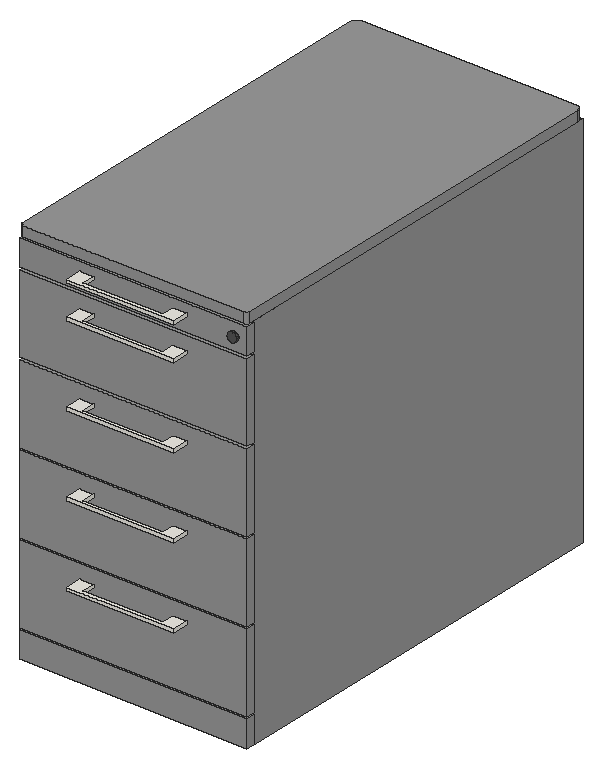
Revit family "Haworth_HC1Pedestal_13HE_EU_PRELIMINARY", category Furniture Systems, Revit 2019
Family settings
  Round Connector Dimension = Use Diameter
  Part Type = Normal
  OmniClass Number = 23.40.70.14.64.21
  OmniClass Title = Systems Furniture
  Work Plane-Based = No
  Always vertical = Yes
  Cut with Voids When Loaded = No
  Shared = No
  Room Calculation Point = No
Parameters (values of type "1/3/3/3/3 43.3 x 80 x 74")
  Without Pull = not(or(Handle 1, Handle 2, Standard Handle 2, Standard Handle 1, Recessed Handle 128 Small, Recessed Handle 128, Handle Metal, Handle 128 128))  # no
  Warranty = "http://www.haworth.com/resources/product-info/warranties"
  URL - Product = "https://www.haworth.com/eu/en/products/office-drawers/hc1.html"
  Top Depth = if(Small, 80 cm, 90 cm)  # 80 cm
  Thickness = if(Low, 1.9 cm, 2.5 cm)  # 1.9 cm
  Standard Handle 2 = no
  Standard Handle 1 = no
  Small = not(Large)  # yes
  Recessed Handle 128 Small = and(Recessed Handle 128, Small)  # no
  Recessed Handle 128 = no
  Pull Finish = Haworth _ Paint _ Smooth Plaster
  Pedestal Finish [instance] = Haworth _ Laminate _ Undecided _ Pedestal
  Model = "MS13081333X"  # constant formula
  Low = not(High)  # yes
  Large = no
  High = no
  Handle Metal = no
  Handle 2 = no
  Handle 128 128 = yes
  Handle 1 = no
  Glide Finish = Haworth _ Polymer _ Black
  Front Finish [instance] = Haworth _ Laminate _ Undecided _ Pedestal
  Description = "Haworth - HC1 Pedestal - 13HE Pedestal"  # constant formula
  URL = "https://www.haworth.com/eu/en.html"
  Size = "Verify Final Dim. w/ Haworth"  # constant formula
  Revision Number = "1"  # constant formula
  Manufacturer = "Haworth"  # constant formula
  Cushion Finish [instance] = Haworth _ Fabric _ Undecided _ Seating _ Lounge
  Author = "Haworth (Abd Rahman)"  # constant formula
  Assembly Code = "E2020200"
  Actual Width = 43.3 cm  # constant formula
  Actual Height = 74 cm  # constant formula
  Actual Depth = 80 cm  # constant formula
Types (2, lengths in cm): name | Without Pull | Top Depth | Thickness | Small | Low | Large | High | Handle 128 128
  1/3/3/3/6 43.3 x 80 x 74 | yes | 90 | 2.5 | no | no | yes | yes | no
  1/3/3/3/3 43.3 x 80 x 74 | no | 80 | 1.9 | yes | yes | no | no | yes
Reference planes (cm)
  plane 1 "Storage Top Center F/B": y = 5
  plane 2: z = 0
  plane 3 "Storage Top Center L/R": x = 0
  plane 4 "Left": x = -21.65
  plane 5 "Back": y = 45
  plane 6 "Front": y = -35
  plane 7 "Right": x = 21.65
  plane 8 "Top": z = 75.9
  plane 9 "Bottom": z = 74
  plane 10: z = 1.6
  plane 11: z = 68.6
  plane 12: z = 68.2
  plane 13: z = 53.2
  plane 14: z = 52.8
  plane 15: z = 37.8
  plane 16: z = 37.4
  plane 17: z = 22.4
  plane 18: z = 22
  plane 19: z = 7
  plane 20: z = 73.6
  plane 21: y = -33.5
  plane 22: z = 6.6
  plane 23: y = 45
  plane 24: y = 45
  plane 25: x = 19.15
  plane 26: z = 71.1
  plane 27: y = -36
  plane 28: z = 65.2
  plane 29: z = 49.8
  plane 30: z = 34.4
  plane 31: z = 19
  plane 32: z = 71.6
  plane 33: x = 9
  plane 34: x = -9
  plane 35: z = 72.6
  plane 36: z = 69.6
  plane 37: z = 66.2
  plane 38: z = 63.2
  plane 39: z = 50.8
  plane 40: z = 47.8
  plane 41: z = 35.4
  plane 42: z = 32.4
  plane 43: y = -35.4499
  plane 44: x = -7
  plane 45: x = 6.9654
  plane 46: z = 72.0299
  plane 47: z = 70.0299
  plane 48: z = 65.6299
  plane 49: z = 63.6299
  plane 50: z = 50.2299
  plane 51: z = 48.2299
  plane 52: z = 34.8299
  plane 53: z = 32.8299
  plane 54: z = 19.4299
  plane 55: z = 17.4299
  plane 56: y = -35.1733
  plane 57: z = 20
  plane 58: z = 17
Forms (cm)
  Extrusion 1, solid, material "Haworth _ Fabric _ Undecided _ Seating _ Lounge" <- "Cushion Finish"
    sketch origin (-91.5403, -457.2, 74) x (-1, 0, 0) y (0, -1, 0)
      loop
        arc (-71.1603, -502.2) -> (-70.2623, -501.828) -> (-69.8903, -500.93) r 1.27
        line (-69.8903, -500.93) -> (-69.8903, -422.7913)
        arc (-69.8903, -422.7913) -> (-70.0635, -422.3732) -> (-70.4816, -422.2) r 0.5913
        line (-70.4816, -422.2) -> (-112.599, -422.2)
        arc (-112.599, -422.2) -> (-113.0171, -422.3732) -> (-113.1903, -422.7913) r 0.5913
        line (-113.1903, -422.7913) -> (-113.1903, -500.93)
        arc (-113.1903, -500.93) -> (-112.8183, -501.828) -> (-111.9203, -502.2) r 1.27
        line (-111.9203, -502.2) -> (-71.1603, -502.2)
    from 0 to 1.9
  Extrusion 2, solid, material "Haworth _ Laminate _ Undecided _ Pedestal" <- "Pedestal Finish"
    sketch origin (0, 0, 0) x (1, 0, 0) y (0, 1, 0)
      loop
        line (-21.65, 45) -> (-21.65, -33.5) -> (21.65, -33.5) -> (21.65, 45) -> (-21.65, 45)
    from 1.6 to 74
  Extrusion 3, solid, material "Haworth _ Laminate _ Undecided _ Pedestal" <- "Front Finish"
    sketch origin (0, -35, 0) x (1, 0, 0) y (0, 0, -1)
      loop
        line (-21.65, -73.6) -> (21.65, -73.6) -> (21.65, -68.6) -> (-21.65, -68.6) -> (-21.65, -73.6)
      loop
        line (-21.65, -68.2) -> (21.65, -68.2) -> (21.65, -53.2) -> (-21.65, -53.2) -> (-21.65, -68.2)
      loop
        line (-21.65, -52.8) -> (21.65, -52.8) -> (21.65, -37.8) -> (-21.65, -37.8) -> (-21.65, -52.8)
    from 0 to 1.5
  Extrusion 4, solid, material "Haworth _ Laminate _ Undecided _ Pedestal" <- "Front Finish", visible <- "Large"
    sketch origin (0, -35, 0) x (1, 0, 0) y (0, 0, -1)
      loop
        line (-21.65, -37.4) -> (21.65, -37.4) -> (21.65, -7) -> (-21.65, -7) -> (-21.65, -37.4)
    from 0 to 1.5
  Extrusion 5, solid, material "Haworth _ Laminate _ Undecided _ Pedestal" <- "Front Finish", visible <- "Small"
    sketch origin (0, -35, 0) x (1, 0, 0) y (0, 0, -1)
      loop
        line (-21.65, -37.4) -> (21.65, -37.4) -> (21.65, -22.4) -> (-21.65, -22.4) -> (-21.65, -37.4)
      loop
        line (-21.65, -22) -> (21.65, -22) -> (21.65, -7) -> (-21.65, -7) -> (-21.65, -22)
    from 0 to 1.5
  Extrusion 6, solid, material "Haworth _ Polymer _ Black" <- "Glide Finish"
    sketch origin (0, 0, 0) x (1, 0, 0) y (0, 1, 0)
      loop
        line (-19.65, -26.9645) -> (-19.65, -30.6738)
        arc (-19.65, -30.6738) -> (-14.3286, -28.8191) -> (-19.65, -26.9645) r 2.9839
      loop
        arc (19.65, -26.9645) -> (14.3286, -28.8191) -> (19.65, -30.6738) r 2.9839
        line (19.65, -30.6738) -> (19.65, -26.9645)
      loop
        arc (-19.65, 36.9645) -> (-14.3286, 38.8191) -> (-19.65, 40.6738) r 2.9839
        line (-19.65, 40.6738) -> (-19.65, 36.9645)
      loop
        line (19.65, 36.9645) -> (19.65, 40.6738)
        arc (19.65, 40.6738) -> (14.3286, 38.8191) -> (19.65, 36.9645) r 2.9839
    from 0 to 1.6
  Extrusion 7, solid, material "Haworth _ Laminate _ Undecided _ Pedestal" <- "Pedestal Finish"
    sketch origin (0, -35, 0) x (1, 0, 0) y (0, 0, -1)
      loop
        line (-21.65, -6.6) -> (21.65, -6.6) -> (21.65, -1.6) -> (-21.65, -1.6) -> (-21.65, -6.6)
    from 0 to 1.5
  Extrusion 8, solid, material "Haworth _ Polymer _ Black" <- "Glide Finish"
    sketch origin (257.4608, -35, 4.494) x (1, 0, 0) y (0, 0, -1)
      loop
        circle (-238.3108, -66.606) r 0.9
    from -0.4499 to 0
  Extrusion 9, solid, material "Haworth _ Paint _ Smooth Plaster" <- "Pull Finish", visible <- "Recessed Handle 128"
    sketch origin (0, -35, 0) x (1, 0, 0) y (0, 0, -1)
      loop
        line (-9, -72.6) -> (9, -72.6) -> (9, -69.6) -> (-9, -69.6) -> (-9, -72.6)
      loop
        line (-9, -66.2) -> (9, -66.2) -> (9, -63.2) -> (-9, -63.2) -> (-9, -66.2)
      loop
        line (-9, -50.8) -> (9, -50.8) -> (9, -47.8) -> (-9, -47.8) -> (-9, -50.8)
      loop
        line (-9, -35.4) -> (9, -35.4) -> (9, -32.4) -> (-9, -32.4) -> (-9, -35.4)
    from -0.4499 to 0
  Extrusion 10, void
    sketch origin (0, -35, 0) x (1, 0, 0) y (0, 0, -1)
      loop
        line (-7, -72.0299) -> (6.9654, -72.0299) -> (6.9654, -70.0299) -> (-7, -70.0299) -> (-7, -72.0299)
      loop
        line (-7, -65.6299) -> (6.9654, -65.6299) -> (6.9654, -63.6299) -> (-7, -63.6299) -> (-7, -65.6299)
      loop
        line (-7, -50.2299) -> (6.9654, -50.2299) -> (6.9654, -48.2299) -> (-7, -48.2299) -> (-7, -50.2299)
      loop
        line (-7, -34.8299) -> (6.9654, -34.8299) -> (6.9654, -32.8299) -> (-7, -32.8299) -> (-7, -34.8299)
      loop
        line (-7, -19.4299) -> (6.9654, -19.4299) -> (6.9654, -17.4299) -> (-7, -17.4299) -> (-7, -19.4299)
    from -25.6289 to -0.1733
  Extrusion 11, solid, material "Haworth _ Paint _ Smooth Plaster" <- "Pull Finish", visible <- "Recessed Handle 128 Small"
    sketch origin (0, -35, 0) x (1, 0, 0) y (0, 0, -1)
      loop
        line (-9, -20) -> (9, -20) -> (9, -17) -> (-9, -17) -> (-9, -20)
    from -0.4499 to 0
Cuts and joins
  Extrusion 10 cuts Extrusion 2
  Extrusion 10 cuts Extrusion 3
  Extrusion 10 cuts Extrusion 4
  Extrusion 10 cuts Extrusion 5
  Extrusion 10 cuts Extrusion 9
  Extrusion 10 cuts Extrusion 11
Lines and regions (cm)
  Masking region 1
    outline origin (0, 0, 75.9) x (-1, 0, 0) y (0, -1, 0)
      loop
        line (21.65, -43.73) -> (21.65, 33.73)
        arc (21.65, 33.73) -> (21.278, 34.628) -> (20.38, 35) r 1.27
        line (20.38, 35) -> (-20.38, 35)
        arc (-20.38, 35) -> (-21.278, 34.628) -> (-21.65, 33.73) r 1.27
        line (-21.65, 33.73) -> (-21.65, -43.73)
        arc (-21.65, -43.73) -> (-21.278, -44.628) -> (-20.38, -45) r 1.27
        line (-20.38, -45) -> (20.38, -45)
        arc (20.38, -45) -> (21.278, -44.628) -> (21.65, -43.73) r 1.27
Dimensions and locks (cm)
  equal spacing: plane 5 "Back", plane 1 "Storage Top Center F/B", plane 6 "Front"
  "Actual Depth": plane 5 "Back" to plane 6 "Front"
  equal spacing: plane 4 "Left", plane 3 "Storage Top Center L/R", plane 7 "Right"
  "Actual Width": plane 4 "Left" to plane 7 "Right"
  "Thickness": plane 8 "Top" to plane 9 "Bottom"
  "Actual Height": plane 9 "Bottom" to level
  locked: plane 11 to plane 12 at 0.4
  locked: plane 13 to plane 14 at 0.4
  locked: plane 15 to plane 16 at 0.4
  locked: plane 17 to plane 18 at 0.4
  plane 9 "Bottom" to plane 20 = 0.4 cm
  plane 20 to plane 11 = 5 cm
  plane 12 to plane 13 = 15 cm
  plane 14 to plane 15 = 15 cm
  plane 16 to plane 17 = 15 cm
  plane 18 to plane 19 = 15 cm
  locked: plane 6 "Front" to plane 21 at 1.5
  locked: plane 19 to plane 22 at 0.4
  "Top Depth": plane 24 to plane 6 "Front"
  locked: plane 25 to plane 7 "Right" at 2.5
  locked: plane 20 to plane 26 at 2.5
  locked: plane 27 to plane 6 "Front" at 1
  locked: plane 12 to plane 28 at 3
  locked: plane 14 to plane 29 at 3
  locked: plane 16 to plane 30 at 3
  locked: plane 18 to plane 31 at 3
  locked: plane 20 to plane 32 at 2
  equal spacing: plane 34, plane 3 "Storage Top Center L/R", plane 33
  plane 35 to plane 32 to plane 36 = 1 cm, 2 cm
  plane 37 to plane 28 to plane 38 = 1 cm, 2 cm
  plane 39 to plane 29 to plane 40 = 1 cm, 2 cm
  plane 41 to plane 30 to plane 42 = 1 cm, 2 cm
  locked: plane 43 to plane 6 "Front" at 0.4499
  plane 54 to plane 31 to plane 55 = 0.4299 cm locked, 1.5701 cm locked
  plane 52 to plane 30 to plane 53 = 0.4299 cm locked, 1.5701 cm locked
  plane 50 to plane 29 to plane 51 = 0.4299 cm locked, 1.5701 cm locked
  plane 48 to plane 28 to plane 49 = 0.4299 cm locked, 1.5701 cm locked
  plane 46 to plane 32 to plane 47 = 0.4299 cm locked, 1.5701 cm locked
  plane 44 to plane 3 "Storage Top Center L/R" to plane 45 = 7 cm locked, 6.9654 cm locked
  locked: plane 56 to plane 6 "Front" at 0.1733
  plane 57 to plane 31 to plane 58 = 1 cm, 2 cm
  equal spacing: Extrusion 11 sketch curve, plane 3 "Storage Top Center L/R", Extrusion 11 sketch curve
  locked: plane 10 to level at 1.6
  aligned and locked: plane 7 "Right" to Extrusion 1 sketch curve
  aligned and locked: plane 6 "Front" to Extrusion 1 sketch curve
  aligned and locked: plane 4 "Left" to Extrusion 1 sketch curve
  aligned and locked: plane 8 "Top" to Extrusion 1
  aligned and locked: Extrusion 1 to plane 9 "Bottom"
  aligned and locked: Masking region 1 to plane 6 "Front"
  aligned and locked: plane 7 "Right" to Extrusion 2 sketch curve
  aligned and locked: plane 4 "Left" to Extrusion 2 sketch curve
  aligned and locked: plane 5 "Back" to Extrusion 2 sketch curve
  aligned and locked: plane 7 "Right" to Extrusion 3 sketch curve  (x3)
  aligned and locked: Extrusion 3 sketch curve to plane 20
  aligned and locked: plane 4 "Left" to Extrusion 3 sketch curve  (x3)
  aligned and locked: Extrusion 3 sketch curve to plane 11
  aligned and locked: plane 21 to Extrusion 3
  aligned and locked: Extrusion 3 to plane 6 "Front"
  aligned and locked: Extrusion 3 sketch curve to plane 13
  aligned and locked: plane 12 to Extrusion 3 sketch curve
  aligned and locked: Extrusion 3 sketch curve to plane 14
  aligned and locked: plane 15 to Extrusion 3 sketch curve
  aligned and locked: plane 7 "Right" to Extrusion 4 sketch curve
  aligned and locked: Extrusion 4 sketch curve to plane 16
  aligned and locked: plane 4 "Left" to Extrusion 4 sketch curve
  aligned and locked: plane 19 to Extrusion 4 sketch curve
  aligned and locked: plane 19 to Extrusion 5 sketch curve
  aligned and locked: plane 7 "Right" to Extrusion 5 sketch curve  (x2)
  aligned and locked: plane 4 "Left" to Extrusion 5 sketch curve  (x2)
  aligned and locked: Extrusion 5 sketch curve to plane 18
  aligned and locked: plane 17 to Extrusion 5 sketch curve
  aligned and locked: Extrusion 5 sketch curve to plane 16
  aligned and locked: Extrusion 4 to plane 6 "Front"
  aligned and locked: Extrusion 5 to plane 6 "Front"
  aligned and locked: plane 21 to Extrusion 5
  aligned and locked: plane 21 to Extrusion 4
  aligned and locked: Extrusion 6 to level
  aligned and locked: Extrusion 7 sketch curve to plane 22
  aligned and locked: plane 7 "Right" to Extrusion 7 sketch curve
  aligned and locked: plane 10 to Extrusion 7 sketch curve
  aligned and locked: plane 4 "Left" to Extrusion 7 sketch curve
  aligned and locked: Extrusion 7 to plane 6 "Front"
  aligned and locked: plane 21 to Extrusion 7
  aligned and locked: Extrusion 2 to plane 21
  aligned and locked: plane 24 to Masking region 1 sketch curve
  aligned and locked: Extrusion 1 sketch curve to plane 24
  aligned and locked: plane 25 to Extrusion 8 sketch curve
  aligned and locked: plane 26 to Extrusion 8 sketch curve
  aligned and locked: plane 6 "Front" to Extrusion 8
  aligned and locked: plane 28 to nested 1
  aligned and locked: plane 3 "Storage Top Center L/R" to nested 1
  aligned and locked: nested 1 to plane 6 "Front"
  aligned and locked: nested 2 to plane 6 "Front"
  aligned and locked: plane 3 "Storage Top Center L/R" to nested 2
  aligned and locked: plane 29 to nested 2
  aligned and locked: Extrusion 9 sketch curve to plane 35
  aligned and locked: plane 36 to Extrusion 9 sketch curve
  aligned and locked: plane 33 to Extrusion 9 sketch curve  (x4)
  aligned and locked: Extrusion 9 sketch curve to plane 34  (x4)
  aligned and locked: Extrusion 9 sketch curve to plane 37
  aligned and locked: plane 38 to Extrusion 9 sketch curve
  aligned and locked: Extrusion 9 sketch curve to plane 39
  aligned and locked: plane 40 to Extrusion 9 sketch curve
  aligned and locked: Extrusion 9 sketch curve to plane 41
  aligned and locked: plane 42 to Extrusion 9 sketch curve
  aligned and locked: plane 6 "Front" to Extrusion 9
  aligned and locked: plane 43 to Extrusion 9
  aligned and locked: plane 45 to Extrusion 10 sketch curve  (x5)
  aligned and locked: Extrusion 10 sketch curve to plane 44  (x5)
  aligned and locked: Extrusion 10 sketch curve to plane 46
  aligned and locked: plane 47 to Extrusion 10 sketch curve
  aligned and locked: Extrusion 10 sketch curve to plane 48
  aligned and locked: plane 49 to Extrusion 10 sketch curve
  aligned and locked: Extrusion 10 sketch curve to plane 50
  aligned and locked: plane 51 to Extrusion 10 sketch curve
  aligned and locked: Extrusion 10 sketch curve to plane 52
  aligned and locked: plane 53 to Extrusion 10 sketch curve
  aligned and locked: Extrusion 10 sketch curve to plane 54
  aligned and locked: plane 55 to Extrusion 10 sketch curve
  aligned and locked: cut or joined group of Extrusion 2, Extrusion 10 to plane 56
  aligned and locked: plane 3 "Storage Top Center L/R" to nested 6
  aligned and locked: plane 3 "Storage Top Center L/R" to nested 5
  aligned and locked: plane 3 "Storage Top Center L/R" to nested 4
  aligned and locked: plane 3 "Storage Top Center L/R" to nested 3
  aligned and locked: plane 28 to nested 6
  aligned and locked: plane 30 to nested 5
  aligned and locked: plane 31 to nested 4
  aligned and locked: plane 32 to nested 3
  aligned and locked: nested 4 to plane 6 "Front"
  aligned and locked: nested 5 to plane 6 "Front"
  aligned and locked: nested 6 to plane 6 "Front"
  aligned and locked: nested 3 to plane 6 "Front"
  aligned and locked: plane 32 to nested 10
  aligned and locked: plane 29 to nested 9
  aligned and locked: plane 30 to nested 8
  aligned and locked: plane 31 to nested 7
  aligned and locked: nested 10 to plane 6 "Front"
  aligned and locked: nested 9 to plane 6 "Front"
  aligned and locked: nested 7 to plane 6 "Front"
  aligned and locked: nested 8 to plane 6 "Front"
  aligned and locked: plane 3 "Storage Top Center L/R" to nested 10
  aligned and locked: plane 3 "Storage Top Center L/R" to nested 9
  aligned and locked: plane 3 "Storage Top Center L/R" to nested 8
  aligned and locked: plane 3 "Storage Top Center L/R" to nested 7
  aligned and locked: Extrusion 11 sketch curve to plane 57
  aligned and locked: plane 58 to Extrusion 11 sketch curve
  aligned and locked: plane 6 "Front" to Extrusion 11
  aligned and locked: plane 43 to Extrusion 11
  aligned and locked: plane 10 to Extrusion 6
  aligned and locked: cut or joined group of Extrusion 2, Extrusion 10 to plane 10
  aligned and locked: plane 43 to Extrusion 8
Automatic sketch dimensions
  plane 7 "Right" to Extrusion 1 sketch curve = 0.5913 cm
  plane 7 "Right" to Extrusion 1 sketch curve = 1.27 cm
  plane 4 "Left" to Extrusion 1 sketch curve = 0.5913 cm
  plane 4 "Left" to Extrusion 1 sketch curve = 1.27 cm
  plane 7 "Right" to Masking region 1 sketch curve = 1.27 cm  (x2)
  plane 4 "Left" to Masking region 1 sketch curve = 1.27 cm  (x2)
  Masking region 1 sketch curve to plane 7 "Right" = 0 cm
  Masking region 1 sketch curve to plane 4 "Left" = 0 cm
  plane 6 "Front" to Masking region 1 sketch curve = 1.27 cm
  plane 6 "Front" to Extrusion 2 sketch curve = 1.5 cm
  plane 3 "Storage Top Center L/R" to Extrusion 11 sketch curve = 9 cm
  plane 4 "Left" to Extrusion 6 sketch curve = 2 cm  (x2)
  Extrusion 6 sketch curve to Extrusion 6 sketch curve = 2.3375 cm  (x2)
  plane 7 "Right" to Extrusion 6 sketch curve = 4.3375 cm  (x2)
  plane 7 "Right" to Extrusion 6 sketch curve = 2 cm  (x2)
  plane 21 to Extrusion 6 sketch curve = 2.8262 cm  (x2)
  Extrusion 6 sketch curve to Extrusion 6 sketch curve = 1.8547 cm  (x4)
  plane 5 "Back" to Extrusion 6 sketch curve = 8.0355 cm  (x2)
  radius of Extrusion 8 sketch curve = 0.9 cm
Nested families (cm)
  nested 1: "Haworth_Drawer-Pulls" at (0, -35, 65.2), type "Pull"
    with Linear yes, Ellipse no
  nested 2: "Haworth_Epure_Storage_Drawer-Pulls" at (0, -35, 49.8), type "Pull"
    with Metal no, Handle 2 no, Handle 1 no
  nested 3: "Haworth_Epure_Storage_Drawer-Pulls" at (0, -35, 71.6), type "Pull"
    with Metal no, Handle 2 no, Handle 1 no
  nested 4: "Haworth_Epure_Storage_Drawer-Pulls" at (0, -35, 19), visible <- "Small", type "Pull - Small"
    with Metal no, Handle 2 no, Handle 1 no
  nested 5: "Haworth_Epure_Storage_Drawer-Pulls" at (0, -35, 34.4), type "Pull"
    with Metal no, Handle 2 no, Handle 1 no
  nested 6: "Haworth_Epure_Storage_Drawer-Pulls" at (0, -35, 65.2), type "Pull"
    with Metal no, Handle 2 no, Handle 1 no
  nested 7: "Haworth_Drawer-Pulls" at (0, -35, 19), visible <- "Small", type "Pull - Small"
    with Linear yes, Ellipse no
  nested 8: "Haworth_Drawer-Pulls" at (0, -35, 34.4), type "Pull"
    with Linear yes, Ellipse no
  nested 9: "Haworth_Drawer-Pulls" at (0, -35, 49.8), type "Pull"
    with Linear yes, Ellipse no
  nested 10: "Haworth_Drawer-Pulls" at (0, -35, 71.6), type "Pull"
    with Linear yes, Ellipse no
Definition of nested family "Haworth_Drawer-Pulls"
  Parameters (values of type "Pull")
    Taper = no
    Radius = no
    Patterns = no
    Linear = no
    Handle Finish = none
    Ellipse = yes
    Cresent = no
    Classic = no
    Assembly Code = ""
  Reference planes (cm)
    plane 1 "Center Front/Back": y = 0
    plane 2: z = 0
    plane 3 "Center Left/Right": x = 0
    plane 4: x = -13
    plane 5: x = 13
  Forms (cm)
    Extrusion 1, solid, material <- "Handle Finish", visible <- "Ellipse"
      sketch origin (0, 0, 0.4043) x (0, 1, 0) y (0, 0, 1)
        loop
          arc (-0.0766, 0) -> (-0.6785, -0.0758) -> (-1.2456, -0.2915) r 2.5527
          arc (-1.2456, -0.2915) -> (-1.6565, -0.5616) -> (-2.0062, -0.9074) r 2.4865
          arc (-2.0062, -0.9074) -> (-2.2178, -1.2005) -> (-2.3884, -1.5191) r 2.7094
          arc (-2.3884, -1.5191) -> (-2.3108, -1.6801) -> (-2.1479, -1.6067) r 0.128
          arc (-2.1479, -1.6067) -> (-1.7188, -0.9918) -> (-1.1354, -0.5209) r 2.6641
          arc (-1.1354, -0.5209) -> (-0.8893, -0.4088) -> (-0.6314, -0.3274) r 2.2187
          arc (-0.6314, -0.3274) -> (-0.4078, -0.3858) -> (-0.29, -0.5847) r 0.3035
          arc (-0.29, -0.5847) -> (-0.1687, -0.7045) -> (0, -0.6789) r 0.1902
          line (0, -0.6789) -> (0, -0.1296) -> (-0.0766, 0)
      from -13 to 13
    Extrusion 2, void
      sketch origin (0, 0, 0.4043) x (1, 0, 0) y (0, 1, 0)
        loop
          line (-16.5099, 0) -> (-16.9486, 0) -> (-16.9486, -2.835) -> (16.9486, -2.835) -> (16.9486, 0) -> (16.5099, 0)
          arc (16.5099, 0) -> (16.423, -0.4523) -> (16.1849, -0.8466) r 1.31
          arc (16.1849, -0.8466) -> (15.839, -1.1305) -> (15.4202, -1.2881) r 1.3735
          arc (15.4202, -1.2881) -> (11.6131, -1.8997) -> (7.7712, -2.2273) r 51.9795
          arc (7.7712, -2.2273) -> (0, -2.4137) -> (-7.7712, -2.2273) r 162.0476
          arc (-7.7712, -2.2273) -> (-11.6131, -1.8997) -> (-15.4202, -1.2881) r 51.9795
          arc (-15.4202, -1.2881) -> (-15.839, -1.1305) -> (-16.1849, -0.8466) r 1.3735
          arc (-16.1849, -0.8466) -> (-16.423, -0.4523) -> (-16.5099, 0) r 1.31
      from 0 to -2.308
    Blend 3, solid, material <- "Handle Finish", visible <- "Radius"
      base sketch origin (0, 0, 0.7938) x (0, 1, 0) y (0, 0, -1)
        loop
          line (0, 0) -> (0, 1.5875) -> (-1.0246, 1.5875)
          arc (-1.0246, 1.5875) -> (-1.8184, 0.7938) -> (-1.0246, 0) r 0.7938
          line (-1.0246, 0) -> (0, 0)
      top sketch origin (0, 0, 0.7938) x (0, 1, 0) y (0, 0, -1)
        loop
          line (0, 0) -> (0, 1.5875) -> (-1.9782, 1.5875)
          arc (-1.9782, 1.5875) -> (-2.772, 0.7938) -> (-1.9782, 0) r 0.7938
          line (-1.9782, 0) -> (0, 0)
      from -12.3825 to -9.2075
    Sweep 4, solid, material <- "Handle Finish", visible <- "Radius"
      path origin (0, 0, 0) x (1, 0, 0) y (0, 1, 0)
        loop
          arc (-12.3825, -1.8184) -> (0, -3.9179) -> (12.3825, -1.8184) r 37.5636
      profile origin (0, -3.9179, 0) x (0, 1, 0) y (0, 0, 1)
        loop
          circle (0.7938, 0) r 0.7739
    Extrusion 5, solid, material <- "Handle Finish", visible <- "Taper"
      sketch origin (0, 0, 0.6929) x (0, 1, 0) y (0, 0, 1)
        loop
          line (0, 0) -> (-2.2225, 0)
          arc (-2.2225, 0) -> (-2.447, -0.093) -> (-2.54, -0.3175) r 0.3175
          line (-2.54, -0.3175) -> (-2.54, -1.778) -> (-2.4609, -1.778) -> (-2.4609, -0.3178)
          arc (-2.4609, -0.3178) -> (-2.3911, -0.1492) -> (-2.2225, -0.0794) r 0.2384
          line (-2.2225, -0.0794) -> (-0.0794, -0.0794) -> (-0.0794, -1.3462) -> (0, -1.3462) -> (0, 0)
      from -16.6535 to 16.6535
    Extrusion 6, void
      sketch origin (0, 0, 0.6929) x (1, 0, 0) y (0, 0, 1)
        loop
          arc (-13.2932, -1.8265) -> (-15.2327, -1.3323) -> (-16.6993, 0.0298) r 4.0532
          line (-16.6993, 0.0298) -> (-17.4239, 0.0298) -> (-17.4239, -2.54) -> (17.4239, -2.54) -> (17.4239, 0.0298) -> (16.6993, 0.0298)
          arc (16.6993, 0.0298) -> (15.2327, -1.3323) -> (13.2932, -1.8265) r 4.0532
          line (13.2932, -1.8265) -> (-13.2932, -1.8265)
      from 0 to 5.5909
    Sweep 7, solid, material <- "Handle Finish", visible <- "Cresent"
      path origin (0, 0, 0.3175) x (1, 0, 0) y (0, 1, 0)
        loop
          arc (-9.6589, 0.1016) -> (0, -3.175) -> (9.6589, 0.1016) r 15.875
      profile origin (0, -3.175, 0.3175) x (0, 1, 0) y (0, 0, 1)
        loop
          circle (0.3175, -0.3175) r 0.3175
    Extrusion 8, void
      sketch origin (0, 0, 0.3175) x (1, 0, 0) y (0, 1, 0)
        loop
          line (-10.0214, 0) -> (10.0177, 0) -> (10.0177, 0.8146) -> (-10.0214, 0.8146) -> (-10.0214, 0)
      from 0.0882 to -0.7228
    Extrusion 9, solid, material <- "Handle Finish", visible <- "Linear"
      sketch origin (0, 0, 0.3175) x (1, 0, 0) y (0, 1, 0)
        loop
          line (-10.16, 0) -> (-10.16, -3.175) -> (10.16, -3.175) -> (10.16, 0) -> (7.62, 0) -> (7.62, -2.54) -> (-7.62, -2.54) -> (-7.62, 0) -> (-10.16, 0)
      from 0 to -0.635
    Extrusion 10, solid, material <- "Handle Finish", visible <- "Classic"
      sketch origin (0, 0, 0.9525) x (1, 0, 0) y (0, 0, 1)
        loop
          line (-8.5725, 0) -> (-8.5725, -1.905)
          arc (-8.5725, -1.905) -> (-7.62, -0.9525) -> (-8.5725, 0) r 0.9525
      from 0 to 2.54
    Extrusion 11, solid, material <- "Handle Finish", visible <- "Classic"
      sketch origin (0, 0, 0.9525) x (-1, 0, 0) y (0, 0, -1)
        loop
          arc (-8.5725, 0) -> (-7.62, 0.9525) -> (-8.5725, 1.905) r 0.9525
          line (-8.5725, 1.905) -> (-8.5725, 0)
      from 0 to 2.54
    Extrusion 12, solid, material <- "Handle Finish", visible <- "Classic"
      sketch origin (0, 0, 0.9525) x (1, 0, 0) y (0, 0, 1)
        loop
          line (-8.5725, 0) -> (-8.5725, -1.905) -> (8.5725, -1.905) -> (8.5725, 0) -> (-8.5725, 0)
      from 2.54 to 3.175
    Blend 13, solid, material <- "Handle Finish", visible <- "Radius"
      base sketch origin (0, 0, 0.7938) x (0, 1, 0) y (0, 0, 1)
        loop
          line (0, 0) -> (-1.0246, 0)
          arc (-1.0246, 0) -> (-1.8184, -0.7938) -> (-1.0246, -1.5875) r 0.7938
          line (-1.0246, -1.5875) -> (0, -1.5875) -> (0, 0)
      top sketch origin (0, 0, 0.7938) x (0, 1, 0) y (0, 0, 1)
        loop
          line (0, 0) -> (-1.9782, 0)
          arc (-1.9782, 0) -> (-2.772, -0.7938) -> (-1.9782, -1.5875) r 0.7938
          line (-1.9782, -1.5875) -> (0, -1.5875) -> (0, 0)
      from -12.3825 to -9.2075
    Extrusion 14, solid, material <- "Handle Finish", visible <- "Patterns"
      sketch origin (0, 0, 0.6929) x (0, 1, 0) y (0, 0, 1)
        loop
          line (0, 0) -> (-2.2225, 0)
          arc (-2.2225, 0) -> (-2.447, -0.093) -> (-2.54, -0.3175) r 0.3175
          line (-2.54, -0.3175) -> (-2.54, -1.778) -> (-2.4609, -1.778) -> (-2.4609, -0.3178)
          arc (-2.4609, -0.3178) -> (-2.3911, -0.1492) -> (-2.2225, -0.0794) r 0.2384
          line (-2.2225, -0.0794) -> (-0.0794, -0.0794) -> (-0.0794, -1.3462) -> (0, -1.3462) -> (0, 0)
      from -10.16 to 10.16
  Cuts and joins
    Extrusion 2 cuts Extrusion 1
    joined: Extrusion 10, Extrusion 11, Extrusion 12
    Extrusion 6 cuts Extrusion 5
    Extrusion 8 cuts Sweep 7
    joined: Blend 3, Sweep 4, Blend 13
Definition of nested family "Haworth_Epure_Storage_Drawer-Pulls"
  Parameters (values of type "Pull")
    Metal = yes
    Handle Finish = none
    Handle 2 = yes
    Handle 1 = yes
    Assembly Code = ""
  Reference planes (cm)
    plane 1 "Center Front/Back": y = 0
    plane 2: z = 0
    plane 3 "Center Left/Right": x = 0
    plane 4: x = -13
    plane 5: x = 13
  Forms (cm)
    Extrusion 1, solid, material <- "Handle Finish", visible <- "Metal"
      sketch origin (0, 0, 0.3175) x (1, 0, 0) y (0, 1, 0)
        loop
          line (-10.16, 0) -> (-10.16, -3.175) -> (10.16, -3.175) -> (10.16, 0) -> (7.62, 0) -> (7.62, -2.54) -> (-7.62, -2.54) -> (-7.62, 0) -> (-10.16, 0)
      from 0 to -0.635
    Extrusion 2, solid, material <- "Handle Finish", visible <- "Handle 2"
      sketch origin (249.8674, 48.2327, -47.4662) x (0, 1, 0) y (0, 0, 1)
        loop
          line (-48.2327, 48.4836) -> (-50.2327, 48.4836) -> (-50.2327, 46.4836) -> (-49.8327, 46.4836) -> (-49.8327, 47.4836) -> (-48.2327, 47.4836) -> (-48.2327, 48.4836)
      from -256.9674 to -242.7674
    Extrusion 3, solid, material <- "Handle Finish", visible <- "Handle 1"
      sketch origin (-80.1326, 48.2327, -18.6172) x (1, 0, 0) y (0, 1, 0)
        loop
          line (72.9326, -50.7327) -> (87.3326, -50.7327)
          arc (87.3326, -50.7327) -> (87.6861, -50.5862) -> (87.8326, -50.2327) r 0.5
          line (87.8326, -50.2327) -> (87.8326, -48.7327)
          arc (87.8326, -48.7327) -> (87.6861, -48.3791) -> (87.3326, -48.2327) r 0.5
          line (87.3326, -48.2327) -> (72.9326, -48.2327)
          arc (72.9326, -48.2327) -> (72.579, -48.3791) -> (72.4326, -48.7327) r 0.5
          line (72.4326, -48.7327) -> (72.4326, -50.2327)
          arc (72.4326, -50.2327) -> (72.579, -50.5862) -> (72.9326, -50.7327) r 0.5
      from 18.1935 to 19.0935
